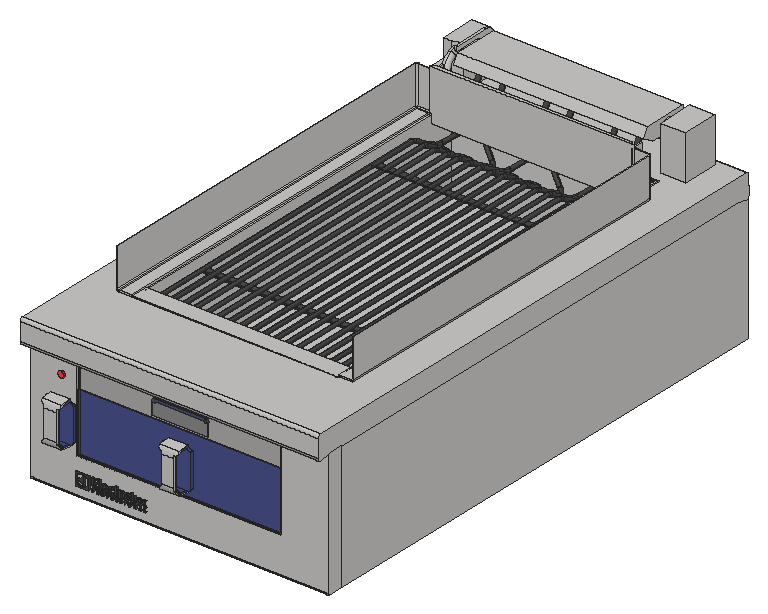
Revit family "QF_ELECTROLUXPROFESSIONAL_589284_MCDDAAEOIO", category Specialty Equipment, Revit 2018
Family settings
  Round Connector Dimension = Use Diameter
  Part Type = Normal
  Work Plane-Based = No
  Always vertical = Yes
  Cut with Voids When Loaded = No
  Shared = No
  Room Calculation Point = No
Parameters (values of type "Standard")
  Weight = 29.4835 kg
  Watts = 0 W
  Volts = 400 V
  URL Manufacturer = "http://professional.electrolux.com"
  URL = "http://professional.electrolux.com"
  Steam Supply Size = 0"
  Steam Supply Minimum Pressure = 0.00 psi
  Steam Supply Maximum Pressure = 0.00 psi
  Steam Pounds per Hour = 0
  Refrigeration Suction Line Size = 0"
  Refrigeration Liquid Line Size = 0"
  Refrigerant Compressor Remote = yes
  Phase = 3
  Model = "MCDDAAEOIO"
  Manufacturer = "Electrolux Professional"
  Length Actual = 500 mm  # constant formula
  Item Number = "589284"
  Hot Water Size = 0"
  Height Actual = 250 mm  # constant formula
  HP = "7.2 HP"
  Gas Size = 0"
  Gas KW = 0
  Gas Input Pressure = 0.0 Btu/h
  Direct Waste Size = 1/2"
  Description = "ELECTRIC CHARGRILL, 1-SIDE, 500X900X250H"
  Depth Actual = 900 mm  # constant formula
  Cycle = 60 Hz
  Condensate Return Size = 0"
  Compressed Air Volume = 0 GPM
  Compressed Air Size = 0"
  Compressed Air Pressure = 0.00 psi
  Cold Water Size = 1/2"
  Accessory = yes
Values of the unnamed type that differ from the named types
  Volts = 0 V
  URL Manufacturer = ""
  Item Number = ""
  Cycle = 0 Hz
Reference planes
  plane 1 "BACK": y = 0
  plane 2: z = 0
  plane 3 "LEFT": x = 0
  plane 4 "RIGHT": x = 500
  plane 5 "FRONT": y = -900
  plane 6 "PLAIN": z = 900
  plane 7 "Center (Left/Right)": x = 250
  plane 8 "Center (Front/Back)": y = -450
  plane 9 "Grill": z = 888
  plane 10 "MontanteBack": y = -70
  plane 11 "sCARICO": through (67.169, -71.534, 1219.2) normal (0.9563, 0.2923, 0)
  plane 12 "BASE": z = 650
  plane 13 "TOP": z = 974
  plane 14 "EI_x": y = -685
  plane 15 "EI_y": x = 456
  plane 16: z = 1624
Forms (mm)
  Sweep 1, solid, material "QF_Finishes_Stainless Steel"
    path origin (0, -5, 0) x (1, 0, 0) y (0, 1, 0)
      loop
        line (446.548, -756) -> (446.548, -136.621)
        arc (446.548, -136.621) -> (445.376, -133.793) -> (442.548, -132.621) r 4
        line (442.548, -132.621) -> (420.548, -132.621)
        arc (420.548, -132.621) -> (417.72, -131.449) -> (416.548, -128.621) r 4
        line (416.548, -128.621) -> (416.548, -114.621)
    profile origin (446.548, -451.31, 0) x (-1, 0, 0) y (0, 0, 1)
      loop
        line (1.048, 904) -> (1.048, 967.5) -> (-0.952, 967.5) -> (-0.952, 904)
        arc (-0.952, 904) -> (0.193, 900.815) -> (3.105, 899.09) r 5
        line (3.105, 899.09) -> (3.105, 901.152)
        arc (3.105, 901.152) -> (1.616, 902.244) -> (1.048, 904) r 3
  Sweep 2, solid, material "QF_Finishes_Stainless Steel"
    path origin (500, -5, 0) x (-1, 0, 0) y (0, 1, 0)
      loop
        line (446.548, -759) -> (446.548, -136.621)
        arc (446.548, -136.621) -> (445.376, -133.793) -> (442.548, -132.621) r 4
        line (442.548, -132.621) -> (420.548, -132.621)
        arc (420.548, -132.621) -> (417.72, -131.449) -> (416.548, -128.621) r 4
        line (416.548, -128.621) -> (416.548, -114.621)
    profile origin (53.452, -452.81, 0) x (-1, 0, 0) y (0, 0, 1)
      loop
        arc (-1.048, 904.91) -> (-1.616, 903.154) -> (-3.105, 902.062) r 3
        line (-3.105, 902.062) -> (-3.105, 900)
        arc (-3.105, 900) -> (-0.193, 901.725) -> (0.952, 904.91) r 5
        line (0.952, 904.91) -> (0.952, 967.5) -> (-1.048, 967.5) -> (-1.048, 904.91)
  Extrusion 3, solid, material "QF_Finishes_Stainless Steel"
    sketch origin (0, 0, 650) x (1, 0, 0) y (0, 0, 1)
      loop
        line (76, 105) -> (424, 105) -> (424, 250) -> (419, 250) -> (419, 110) -> (81, 110) -> (81, 250) -> (76, 250) -> (76, 105)
    from 92 to 761.249
  Extrusion 4, solid, material "QF_Finishes_Stainless Steel"
    sketch origin (0, 0, 650) x (0, 1, 0) y (0, 0, 1)
      loop
        arc (-4.695, 210.061) -> (-1.429, 210.936) -> (0, 214) r 4
        line (0, 214) -> (0, 246)
        arc (0, 246) -> (-1.172, 248.828) -> (-4, 250) r 4
        line (-4, 250) -> (-895, 250)
        arc (-895, 250) -> (-898.536, 248.536) -> (-900, 245) r 5
        line (-900, 245) -> (-900, 214)
        arc (-900, 214) -> (-898.571, 210.936) -> (-895.305, 210.061) r 4
        line (-895.305, 210.061) -> (-878.81, 212.969) -> (-21.19, 212.969) -> (-4.695, 210.061)
    from 0 to 500
  Extrusion 5, void
    sketch origin (0, 0, 650) x (1, 0, 0) y (0, 0, 1)
      loop
        line (76, 255) -> (76, 206.834) -> (424, 206.834) -> (424, 255) -> (76, 255)
    from 95 to 761
  Extrusion 6, solid, material "QF_Finishes_Stainless Steel"
    sketch origin (250, 303.899, 1047.01) x (0, 1, 0) y (0, 0, 1)
      loop
        circle (-352.832, -92.011) r 16
    from -173.505 to 161.495
  Sweep 7, solid, material "QF_Finishes_Stainless Steel"
    path origin (0, -70, -250) x (0, 0, 1) y (-1, 0, 0)
      loop
        line (1112.969, -2) -> (900, -2) -> (900, -498) -> (1113, -498)
    profile origin (2, -70, 756.485) x (0, -1, 0) y (1, 0, 0)
      loop
        line (25.019, 0) -> (25.019, 25) -> (22, 25) -> (22, 3) -> (-22, 3) -> (-22, 25) -> (-24.981, 25) -> (-24.981, 0) -> (25.019, 0)
  Extrusion 8, solid, material "QF_Finishes_Stainless Steel"
    sketch origin (0, 0, 888) x (0, 1, 0) y (-1, 0, 0)
      loop
        line (-761, -443.443) -> (-141.621, -443.443)
        arc (-141.621, -443.443) -> (-140.988, -443.181) -> (-140.726, -442.548) r 0.895
        line (-140.726, -442.548) -> (-140.726, -422.652) -> (-761, -422.652) -> (-761, -443.443)
      loop
        line (-764, -56.557) -> (-764, -77.348) -> (-140.726, -77.348) -> (-140.726, -57.452)
        arc (-140.726, -57.452) -> (-140.988, -56.819) -> (-141.621, -56.557) r 0.895
        line (-141.621, -56.557) -> (-764, -56.557)
    from 12 to 14.062
  Extrusion 9, solid, material "QF_Finishes_Black"
    sketch origin (250, 296.4, 1869.2) x (0, 1, 0) y (0, 0, 1)
      loop
        circle (-553.985, -991.468) r 4.002
      loop
        circle (-913.985, -991.468) r 4.002
    from -172 to 174
  Extrusion 10, solid, material "QF_Finishes_Stainless Steel"
    sketch origin (500, 0, 650) x (0, -1, 0) y (0, 0, 1)
      loop
        line (0, 214) -> (0, 0) -> (854, 0) -> (854, 212.969) -> (21.19, 212.969) -> (4.695, 210.061)
        arc (4.695, 210.061) -> (1.429, 210.936) -> (0, 214) r 4
    from 0 to 2
  Extrusion 11, solid, material "QF_Finishes_Stainless Steel"
    sketch origin (250, 296.4, 1869.2) x (0, 1, 0) y (0, 0, 1)
      loop
        arc (-296.4, -1005.2) -> (-296.936, -1007.2) -> (-298.4, -1008.664) r 4
        line (-298.4, -1008.664) -> (-298.4, -1219.2) -> (-296.4, -1219.2) -> (-296.4, -1005.2)
    from -248.691 to 248
  Extrusion 12, solid, material "QF_Finishes_Stainless Steel"
    sketch origin (0, 0, 650) x (0, 1, 0) y (0, 0, 1)
      loop
        arc (0, 214) -> (-1.429, 210.936) -> (-4.695, 210.061) r 4
        line (-4.695, 210.061) -> (-21.19, 212.969) -> (-854, 212.969) -> (-854, 0) -> (0, 0) -> (0, 214)
    from 0 to 2
  Extrusion 13, solid, material "QF_Finishes_Stainless Steel"
    sketch origin (0, 5, 888) x (0, 1, 0) y (-1, 0, 0)
      loop
        line (-16.433, -411.495) -> (-78.433, -411.495) -> (-78.433, -453.495) -> (-16.433, -453.495) -> (-16.433, -411.495)
    from 12 to 86
  Extrusion 14, solid, material "QF_Finishes_Stainless Steel"
    sketch origin (0, 5, 888) x (0, 1, 0) y (-1, 0, 0)
      loop
        line (-16.433, -76.495) -> (-16.433, -46.495) -> (-76.433, -46.495) -> (-76.433, -60.491) -> (-71.54, -76.495) -> (-16.433, -76.495)
    from 12 to 86
  Extrusion 15, solid, material "QF_Finishes_Stainless Steel"
    sketch origin (250, 296.4, 1043.2) x (0, 1, 0) y (0, 0, 1)
      loop
        line (-312.832, -69.2) -> (-387.871, -69.2) -> (-396.4, -83.974) -> (-375.871, -95.826) -> (-329.794, -95.826) -> (-312.832, -86.033) -> (-312.832, -69.2)
    from -163.443 to 154.184
  Extrusion 16, solid, material "QF_Finishes_Black"
    sketch origin (0, -900, 650) x (1, 0, 0) y (0, 0, 1)
      loop
        spline (109.591, 27.285) -> (109.385, 27.294) -> (109.166, 27.322) -> (108.939, 27.374) -> (108.71, 27.451) -> (108.486, 27.559) -> (108.272, 27.7) -> (108.075, 27.878) -> (107.9, 28.096) -> (107.753, 28.358) -> (107.641, 28.667) -> (107.569, 29.026) -> (107.544, 29.44)
        line (107.544, 29.44) -> (107.544, 31.273) -> (113.596, 31.273) -> (113.596, 33.611) -> (107.543, 33.611) -> (107.543, 37.014) -> (113.982, 37.014) -> (113.982, 39.345) -> (105.065, 39.345) -> (105.065, 29.546)
        spline (105.065, 29.546) -> (105.088, 28.943) -> (105.155, 28.375) -> (105.269, 27.843) -> (105.431, 27.35) -> (105.642, 26.898) -> (105.903, 26.487) -> (106.215, 26.121) -> (106.581, 25.802) -> (107.001, 25.531) -> (107.476, 25.309) -> (108.008, 25.141) -> (108.597, 25.026)
        line (108.597, 25.026) -> (109.57, 24.956) -> (114.154, 24.956) -> (114.154, 27.285) -> (109.591, 27.285)
      loop
        line (115.915, 32.546) -> (115.915, 24.953) -> (118.393, 24.953) -> (118.393, 39.349) -> (115.915, 39.349) -> (115.915, 32.546)
      loop
        spline (130.665, 30.422) -> (130.623, 31.14) -> (130.499, 31.828) -> (130.296, 32.48) -> (130.018, 33.089) -> (129.668, 33.649) -> (129.249, 34.154) -> (128.766, 34.599) -> (128.222, 34.976) -> (127.62, 35.28) -> (126.963, 35.505) -> (126.255, 35.644) -> (125.499, 35.692)
        spline (125.499, 35.692) -> (124.728, 35.647) -> (123.994, 35.515) -> (123.305, 35.299) -> (122.666, 35.003) -> (122.081, 34.629) -> (121.556, 34.182) -> (121.097, 33.663) -> (120.71, 33.078) -> (120.399, 32.429) -> (120.17, 31.719) -> (120.029, 30.952) -> (119.98, 30.131)
        spline (119.98, 30.131) -> (120.027, 29.33) -> (120.164, 28.582) -> (120.388, 27.889) -> (120.693, 27.254) -> (121.076, 26.682) -> (121.533, 26.175) -> (122.057, 25.737) -> (122.647, 25.371) -> (123.296, 25.081) -> (124.002, 24.869) -> (124.758, 24.74) -> (125.562, 24.696)
        spline (125.562, 24.696) -> (125.954, 24.705) -> (126.341, 24.735) -> (126.725, 24.786) -> (127.103, 24.862) -> (127.477, 24.963) -> (127.846, 25.093) -> (128.211, 25.252) -> (128.571, 25.443) -> (128.926, 25.668) -> (129.275, 25.928) -> (129.62, 26.226) -> (129.96, 26.563)
        line (129.96, 26.563) -> (128.466, 28.016)
        spline (128.466, 28.016) -> (128.269, 27.826) -> (128.072, 27.653) -> (127.871, 27.495) -> (127.666, 27.353) -> (127.454, 27.228) -> (127.235, 27.118) -> (127.005, 27.025) -> (126.764, 26.949) -> (126.509, 26.889) -> (126.238, 26.847) -> (125.951, 26.821) -> (125.645, 26.812)
        spline (125.645, 26.812) -> (125.196, 26.834) -> (124.776, 26.9) -> (124.385, 27.007) -> (124.025, 27.153) -> (123.698, 27.338) -> (123.407, 27.559) -> (123.152, 27.815) -> (122.935, 28.103) -> (122.759, 28.423) -> (122.625, 28.772) -> (122.535, 29.148) -> (122.491, 29.551)
        line (122.491, 29.551) -> (130.624, 29.551) -> (130.665, 30.422)
      loop
        spline (128.134, 31.294) -> (128.11, 31.6) -> (128.04, 31.895) -> (127.927, 32.175) -> (127.774, 32.439) -> (127.584, 32.682) -> (127.362, 32.902) -> (127.108, 33.096) -> (126.828, 33.261) -> (126.524, 33.394) -> (126.199, 33.493) -> (125.856, 33.555) -> (125.499, 33.576)
        spline (125.499, 33.576) -> (125.117, 33.555) -> (124.748, 33.495) -> (124.397, 33.397) -> (124.067, 33.265) -> (123.761, 33.102) -> (123.482, 32.909) -> (123.233, 32.69) -> (123.018, 32.448) -> (122.839, 32.184) -> (122.7, 31.902) -> (122.604, 31.604) -> (122.554, 31.294)
        line (122.554, 31.294) -> (128.134, 31.294)
      loop
        spline (134.414, 30.194) -> (134.442, 30.655) -> (134.525, 31.092) -> (134.66, 31.503) -> (134.842, 31.883) -> (135.069, 32.23) -> (135.337, 32.541) -> (135.644, 32.813) -> (135.985, 33.042) -> (136.357, 33.225) -> (136.758, 33.36) -> (137.183, 33.444) -> (137.63, 33.472)
        spline (137.63, 33.472) -> (137.904, 33.463) -> (138.167, 33.438) -> (138.418, 33.396) -> (138.659, 33.338) -> (138.891, 33.263) -> (139.113, 33.174) -> (139.327, 33.069) -> (139.532, 32.95) -> (139.73, 32.816) -> (139.922, 32.668) -> (140.106, 32.506) -> (140.285, 32.331)
        line (140.285, 32.331) -> (141.821, 33.929)
        spline (141.821, 33.929) -> (141.515, 34.234) -> (141.201, 34.509) -> (140.877, 34.753) -> (140.545, 34.968) -> (140.205, 35.155) -> (139.858, 35.313) -> (139.503, 35.445) -> (139.141, 35.552) -> (138.772, 35.632) -> (138.397, 35.689) -> (138.016, 35.723) -> (137.63, 35.734)
        spline (137.63, 35.734) -> (136.855, 35.686) -> (136.114, 35.545) -> (135.411, 35.317) -> (134.754, 35.007) -> (134.15, 34.621) -> (133.605, 34.162) -> (133.125, 33.637) -> (132.718, 33.05) -> (132.39, 32.408) -> (132.147, 31.714) -> (131.997, 30.974) -> (131.945, 30.194)
        spline (131.945, 30.194) -> (131.997, 29.414) -> (132.147, 28.674) -> (132.39, 27.981) -> (132.718, 27.338) -> (133.125, 26.751) -> (133.605, 26.226) -> (134.15, 25.767) -> (134.754, 25.381) -> (135.411, 25.071) -> (136.114, 24.843) -> (136.855, 24.702) -> (137.63, 24.654)
        spline (137.63, 24.654) -> (138.016, 24.665) -> (138.397, 24.699) -> (138.772, 24.756) -> (139.141, 24.837) -> (139.503, 24.943) -> (139.858, 25.075) -> (140.205, 25.233) -> (140.545, 25.42) -> (140.877, 25.635) -> (141.201, 25.879) -> (141.515, 26.154) -> (141.821, 26.46)
        line (141.821, 26.46) -> (140.285, 28.057)
        spline (140.285, 28.057) -> (140.106, 27.882) -> (139.922, 27.72) -> (139.73, 27.573) -> (139.532, 27.439) -> (139.327, 27.319) -> (139.113, 27.214) -> (138.891, 27.125) -> (138.659, 27.05) -> (138.418, 26.992) -> (138.167, 26.95) -> (137.904, 26.925) -> (137.63, 26.916)
        spline (137.63, 26.916) -> (137.183, 26.944) -> (136.758, 27.028) -> (136.357, 27.163) -> (135.985, 27.346) -> (135.644, 27.575) -> (135.337, 27.847) -> (135.069, 28.158) -> (134.842, 28.505) -> (134.66, 28.885) -> (134.525, 29.296) -> (134.442, 29.733) -> (134.414, 30.194)
      loop
        spline (148.14, 27.282) -> (147.921, 27.278) -> (147.687, 27.295) -> (147.443, 27.335) -> (147.196, 27.404) -> (146.952, 27.504) -> (146.717, 27.641) -> (146.497, 27.817) -> (146.298, 28.038) -> (146.127, 28.306) -> (145.989, 28.626) -> (145.891, 29.003) -> (145.839, 29.439)
        line (145.839, 29.439) -> (145.839, 33.112) -> (148.093, 33.112) -> (148.093, 35.363) -> (145.842, 35.363) -> (145.842, 39.349) -> (143.364, 39.349) -> (143.364, 29.299)
        spline (143.364, 29.299) -> (143.417, 28.715) -> (143.513, 28.167) -> (143.653, 27.655) -> (143.838, 27.182) -> (144.07, 26.749) -> (144.349, 26.358) -> (144.676, 26.011) -> (145.054, 25.709) -> (145.482, 25.456) -> (145.963, 25.252) -> (146.496, 25.099) -> (147.084, 25)
        line (147.084, 25) -> (148.131, 24.953) -> (148.14, 27.282)
      loop
        spline (156.479, 35.508) -> (156.05, 35.534) -> (155.637, 35.526) -> (155.241, 35.486) -> (154.864, 35.413) -> (154.506, 35.31) -> (154.168, 35.177) -> (153.853, 35.015) -> (153.559, 34.826) -> (153.29, 34.61) -> (153.046, 34.369) -> (152.828, 34.103) -> (152.637, 33.815)
        line (152.637, 33.815) -> (152.637, 35.363) -> (150.179, 35.363) -> (150.179, 24.953) -> (152.637, 24.953) -> (152.637, 30.426)
        spline (152.637, 30.426) -> (152.66, 30.841) -> (152.726, 31.228) -> (152.835, 31.585) -> (152.984, 31.911) -> (153.173, 32.205) -> (153.399, 32.464) -> (153.66, 32.687) -> (153.956, 32.873) -> (154.284, 33.02) -> (154.642, 33.127) -> (155.03, 33.193) -> (155.446, 33.215)
        line (155.446, 33.215) -> (156.479, 33.112) -> (156.479, 35.508)
      loop
        spline (168.219, 30.158) -> (168.167, 30.921) -> (168.016, 31.649) -> (167.772, 32.335) -> (167.444, 32.974) -> (167.036, 33.559) -> (166.556, 34.085) -> (166.01, 34.546) -> (165.406, 34.936) -> (164.75, 35.249) -> (164.049, 35.481) -> (163.31, 35.623) -> (162.539, 35.672)
        spline (162.539, 35.672) -> (161.763, 35.623) -> (161.02, 35.481) -> (160.318, 35.249) -> (159.661, 34.936) -> (159.057, 34.546) -> (158.513, 34.085) -> (158.035, 33.559) -> (157.628, 32.974) -> (157.301, 32.335) -> (157.059, 31.649) -> (156.909, 30.921) -> (156.858, 30.158)
        spline (156.858, 30.158) -> (156.909, 29.394) -> (157.059, 28.667) -> (157.301, 27.981) -> (157.628, 27.342) -> (158.035, 26.757) -> (158.513, 26.231) -> (159.057, 25.77) -> (159.661, 25.38) -> (160.318, 25.066) -> (161.02, 24.835) -> (161.763, 24.692) -> (162.539, 24.643)
        spline (162.539, 24.643) -> (163.31, 24.692) -> (164.049, 24.835) -> (164.75, 25.066) -> (165.406, 25.38) -> (166.01, 25.77) -> (166.556, 26.231) -> (167.036, 26.757) -> (167.444, 27.342) -> (167.772, 27.981) -> (168.016, 28.667) -> (168.167, 29.394) -> (168.219, 30.158)
      loop
        spline (165.76, 30.158) -> (165.731, 30.608) -> (165.648, 31.038) -> (165.512, 31.443) -> (165.329, 31.821) -> (165.101, 32.167) -> (164.831, 32.479) -> (164.524, 32.752) -> (164.182, 32.984) -> (163.809, 33.17) -> (163.409, 33.307) -> (162.984, 33.392) -> (162.539, 33.421)
        spline (162.539, 33.421) -> (162.089, 33.392) -> (161.662, 33.307) -> (161.26, 33.17) -> (160.886, 32.984) -> (160.545, 32.752) -> (160.238, 32.479) -> (159.97, 32.167) -> (159.744, 31.821) -> (159.562, 31.443) -> (159.428, 31.038) -> (159.345, 30.608) -> (159.317, 30.158)
        spline (159.317, 30.158) -> (159.345, 29.707) -> (159.428, 29.278) -> (159.562, 28.872) -> (159.744, 28.495) -> (159.97, 28.148) -> (160.238, 27.836) -> (160.545, 27.563) -> (160.886, 27.332) -> (161.26, 27.145) -> (161.662, 27.008) -> (162.089, 26.923) -> (162.539, 26.894)
        spline (162.539, 26.894) -> (162.984, 26.923) -> (163.409, 27.008) -> (163.809, 27.145) -> (164.182, 27.332) -> (164.524, 27.563) -> (164.831, 27.836) -> (165.101, 28.148) -> (165.329, 28.495) -> (165.512, 28.872) -> (165.648, 29.278) -> (165.731, 29.707) -> (165.76, 30.158)
      loop
        line (169.743, 32.794) -> (169.743, 24.953) -> (172.222, 24.953) -> (172.222, 39.349) -> (169.743, 39.349) -> (169.743, 32.794)
      loop
        line (181.161, 35.363) -> (181.161, 29.311)
        spline (181.161, 29.311) -> (181.141, 28.918) -> (181.083, 28.563) -> (180.989, 28.246) -> (180.861, 27.966) -> (180.702, 27.723) -> (180.513, 27.514) -> (180.297, 27.34) -> (180.057, 27.2) -> (179.793, 27.092) -> (179.509, 27.016) -> (179.207, 26.971) -> (178.889, 26.956)
        spline (178.889, 26.956) -> (178.571, 26.971) -> (178.269, 27.016) -> (177.985, 27.091) -> (177.721, 27.199) -> (177.481, 27.339) -> (177.265, 27.512) -> (177.076, 27.718) -> (176.917, 27.96) -> (176.789, 28.237) -> (176.695, 28.551) -> (176.637, 28.901) -> (176.617, 29.29)
        line (176.617, 29.29) -> (176.617, 35.363) -> (174.118, 35.363) -> (174.118, 29.083)
        spline (174.118, 29.083) -> (174.162, 28.372) -> (174.29, 27.725) -> (174.497, 27.141) -> (174.776, 26.621) -> (175.12, 26.163) -> (175.525, 25.768) -> (175.983, 25.435) -> (176.489, 25.163) -> (177.037, 24.953) -> (177.62, 24.803) -> (178.233, 24.714) -> (178.869, 24.684)
        spline (178.869, 24.684) -> (179.51, 24.714) -> (180.127, 24.805) -> (180.715, 24.957) -> (181.267, 25.17) -> (181.778, 25.446) -> (182.24, 25.784) -> (182.648, 26.184) -> (182.996, 26.648) -> (183.277, 27.176) -> (183.485, 27.768) -> (183.615, 28.424) -> (183.66, 29.146)
        line (183.66, 29.146) -> (183.66, 35.363) -> (181.161, 35.363)
      loop
        line (193.038, 28.282) -> (191.475, 30.467) -> (193.41, 33.104) -> (195.068, 35.363) -> (192.363, 35.363) -> (190.11, 32.244) -> (187.839, 35.363) -> (185.154, 35.363) -> (186.694, 33.256) -> (188.748, 30.447) -> (186.595, 27.449) -> (184.803, 24.953) -> (187.467, 24.953) -> (190.11, 28.63) -> (192.755, 24.953) -> (195.419, 24.953) -> (193.038, 28.282)
      loop
        line (106.459, 22.688) -> (104.542, 22.688) -> (104.542, 17.711) -> (105.565, 17.711) -> (105.565, 19.398) -> (106.459, 19.398)
        arc (106.459, 19.398) -> (108.104, 21.043) -> (106.459, 22.688) r 1.645
      loop
        line (106.418, 21.747) -> (105.565, 21.747) -> (105.565, 20.338) -> (106.418, 20.338)
        arc (106.418, 20.338) -> (107.122, 21.043) -> (106.418, 21.747) r 0.704
      loop
        line (114.268, 22.688) -> (112.316, 22.688) -> (112.316, 17.711) -> (113.339, 17.711) -> (113.339, 19.425) -> (114.12, 19.343) -> (115.101, 17.711) -> (116.262, 17.711) -> (115.068, 19.677)
        arc (115.068, 19.677) -> (115.692, 20.259) -> (115.91, 21.084) r 1.536
        arc (115.91, 21.084) -> (115.416, 22.22) -> (114.268, 22.688) r 1.643
      loop
        arc (114.178, 20.359) -> (114.873, 21.02) -> (114.247, 21.747) r 0.696
        line (114.247, 21.747) -> (113.339, 21.747) -> (113.339, 20.359) -> (114.178, 20.359)
      loop
        circle (122.616, 20.2) r 2.585
      loop
        circle (122.616, 20.2) r 1.64
      loop
        line (129.481, 22.688) -> (129.481, 17.711) -> (130.504, 17.711) -> (130.504, 19.757) -> (132.377, 19.757) -> (132.377, 20.698) -> (130.504, 20.698) -> (130.504, 21.747) -> (132.557, 21.747) -> (132.557, 22.688) -> (129.481, 22.688)
      loop
        line (136.778, 22.688) -> (136.778, 19.325)
        arc (136.778, 19.325) -> (137.237, 18.185) -> (138.371, 17.711) r 1.593
        line (138.371, 17.711) -> (139.978, 17.711) -> (139.978, 18.498) -> (138.577, 18.498)
        arc (138.577, 18.498) -> (138.029, 18.725) -> (137.802, 19.273) r 0.775
        line (137.802, 19.273) -> (137.802, 20.101) -> (139.792, 20.101) -> (139.792, 20.883) -> (137.802, 20.883) -> (137.802, 21.747) -> (139.93, 21.747) -> (139.93, 22.688) -> (136.778, 22.688)
      loop
        line (146.672, 21.383) -> (147.407, 21.887)
        arc (147.407, 21.887) -> (146.726, 22.552) -> (145.799, 22.771) r 1.782
        arc (145.799, 22.771) -> (145.183, 22.647) -> (144.637, 22.336) r 1.974
        arc (144.637, 22.336) -> (144.379, 22.025) -> (144.263, 21.637) r 1.013
        arc (144.263, 21.637) -> (144.274, 21.184) -> (144.388, 20.745) r 1.985
        arc (144.388, 20.745) -> (144.831, 20.266) -> (145.409, 19.962) r 1.928
        arc (145.409, 19.962) -> (145.943, 19.746) -> (146.449, 19.469) r 5.041
        arc (146.449, 19.469) -> (146.646, 19.138) -> (146.49, 18.785) r 0.42
        arc (146.49, 18.785) -> (145.949, 18.565) -> (145.377, 18.68) r 1.016
        arc (145.377, 18.68) -> (144.956, 18.922) -> (144.692, 19.329) r 1.033
        line (144.692, 19.329) -> (143.91, 18.839)
        arc (143.91, 18.839) -> (144.22, 18.327) -> (144.673, 17.936) r 1.914
        arc (144.673, 17.936) -> (145.246, 17.691) -> (145.867, 17.629) r 2.063
        arc (145.867, 17.629) -> (146.634, 17.782) -> (147.325, 18.149) r 2.696
        arc (147.325, 18.149) -> (147.63, 18.96) -> (147.473, 19.813) r 1.618
        arc (147.473, 19.813) -> (147.132, 20.206) -> (146.697, 20.49) r 1.876
        arc (146.697, 20.49) -> (146.146, 20.736) -> (145.582, 20.948) r 9.883
        arc (145.582, 20.948) -> (145.255, 21.455) -> (145.727, 21.831) r 0.45
        arc (145.727, 21.831) -> (146.251, 21.716) -> (146.672, 21.383) r 1.197
      loop
        line (154.19, 21.383) -> (154.925, 21.887)
        arc (154.925, 21.887) -> (154.244, 22.552) -> (153.318, 22.771) r 1.782
        arc (153.318, 22.771) -> (152.701, 22.647) -> (152.155, 22.336) r 1.974
        arc (152.155, 22.336) -> (151.897, 22.025) -> (151.781, 21.637) r 1.013
        arc (151.781, 21.637) -> (151.793, 21.184) -> (151.906, 20.745) r 1.985
        arc (151.906, 20.745) -> (152.35, 20.266) -> (152.927, 19.962) r 1.928
        arc (152.927, 19.962) -> (153.462, 19.746) -> (153.967, 19.469) r 5.041
        arc (153.967, 19.469) -> (154.165, 19.138) -> (154.009, 18.785) r 0.42
        arc (154.009, 18.785) -> (153.468, 18.565) -> (152.895, 18.68) r 1.016
        arc (152.895, 18.68) -> (152.474, 18.922) -> (152.21, 19.329) r 1.033
        line (152.21, 19.329) -> (151.428, 18.839)
        arc (151.428, 18.839) -> (151.738, 18.327) -> (152.191, 17.936) r 1.914
        arc (152.191, 17.936) -> (152.764, 17.691) -> (153.385, 17.629) r 2.063
        arc (153.385, 17.629) -> (154.152, 17.782) -> (154.843, 18.149) r 2.696
        arc (154.843, 18.149) -> (155.149, 18.96) -> (154.991, 19.813) r 1.618
        arc (154.991, 19.813) -> (154.65, 20.206) -> (154.215, 20.49) r 1.876
        arc (154.215, 20.49) -> (153.665, 20.736) -> (153.1, 20.948) r 9.883
        arc (153.1, 20.948) -> (152.774, 21.455) -> (153.245, 21.831) r 0.45
        arc (153.245, 21.831) -> (153.769, 21.716) -> (154.19, 21.383) r 1.197
      loop
        line (159.382, 22.688) -> (159.382, 17.711) -> (160.405, 17.711) -> (160.405, 22.688) -> (159.382, 22.688)
      loop
        circle (167.305, 20.2) r 1.548
      loop
        circle (167.305, 20.2) r 2.585
      loop
        line (174.17, 17.711) -> (175.204, 17.711) -> (175.204, 20.84) -> (177.481, 17.711) -> (178.475, 17.711) -> (178.475, 22.688) -> (177.442, 22.688) -> (177.442, 19.464) -> (175.165, 22.688) -> (174.17, 22.688) -> (174.17, 17.711)
      loop
        line (183.635, 17.711) -> (184.12, 18.785) -> (185.961, 18.785) -> (186.445, 17.711) -> (187.545, 17.711) -> (185.041, 22.688) -> (182.536, 17.711) -> (183.635, 17.711)
      loop
        line (185.041, 20.827) -> (184.579, 19.806) -> (185.501, 19.806) -> (185.041, 20.827)
      loop
        line (192.628, 18.652) -> (192.628, 22.688) -> (191.604, 22.688) -> (191.604, 17.711) -> (194.542, 17.711) -> (194.542, 18.652) -> (192.628, 18.652)
      loop
        line (77.595, 17.711) -> (99.258, 17.711) -> (99.258, 39.345) -> (77.595, 39.345) -> (77.595, 17.711)
      loop
        line (91.319, 38.283) -> (91.319, 18.818)
        arc (91.319, 18.818) -> (98.515, 28.55) -> (91.319, 38.283) r 10.18
      loop
        line (90.329, 36.874) -> (90.329, 38.283)
        arc (90.329, 38.283) -> (82.234, 36.443) -> (78.334, 29.115) r 9.976
        line (78.334, 29.115) -> (81.554, 29.115)
        arc (81.554, 29.115) -> (87.307, 31.45) -> (90.329, 36.874) r 9.351
      loop
        arc (78.334, 27.986) -> (82.227, 20.597) -> (90.329, 18.568) r 10.237
        line (90.329, 18.568) -> (90.329, 20.227)
        arc (90.329, 20.227) -> (87.307, 25.651) -> (81.554, 27.986) r 9.351
        line (81.554, 27.986) -> (78.334, 27.986)
    from -21 to -19.269
  Sweep 17, solid, material "QF_Finishes_Stainless Steel"
    path origin (41.436, 12.664, -176) x (-0.292277, 0.956334, 0) y (0, 0, 1)
      loop
        line (-85.95, 1138.999) -> (-105.35, 1138.999)
        arc (-105.35, 1138.999) -> (-118.785, 1133.434) -> (-124.35, 1119.999) r 19
        line (-124.35, 1119.999) -> (-124.35, 1115.999)
    profile origin (76.155, -100.934, 957.434) x (-0.206671, 0.67623, -0.707107) y (0.956334, 0.292277, 0)
      loop
        circle (0, 0) r 5.5
  Sweep 18, solid, material "QF_Finishes_Stainless Steel"
    path origin (41.436, 12.664, -176) x (-0.292277, 0.956334, 0) y (0, 0, 1)
      loop
        line (-124.348, 1102.5) -> (-124.348, 1115.999)
    profile origin (77.78, -106.254, 933.249) x (0.292277, -0.956334, 0) y (0.956334, 0.292277, 0)
      loop
        circle (0, 0) r 11
  Extrusion 19, solid, material "QF_Finishes_Stainless Steel"
    sketch origin (0, -900, 652) x (1, 0, 0) y (0, 0, 1)
      loop
        line (422.652, 248) -> (422.652, 249.152) -> (77.348, 249.152) -> (77.348, 248) -> (422.652, 248)
    from -136 to -165.099
  Extrusion 20, solid, material "QF_Finishes_Stainless Steel"
    sketch origin (0, -900, 650) x (1, 0, 0) y (0, 0, 1)
      loop
        line (419, 110) -> (419, 250) -> (81, 250) -> (81, 110) -> (419, 110)
    from -805 to -808
  Extrusion 21, solid, material "QF_Finishes_Stainless Steel"
    sketch origin (0, -900, 650) x (1, 0, 0) y (0, 0, 1)
      loop
        line (419, 110) -> (419, 250) -> (81, 250) -> (81, 110) -> (419, 110)
    from -808 to -800.351
  Extrusion 22, solid, material "QF_Finishes_Stainless Steel"
    sketch origin (0, -5, 888) x (0, 1, 0) y (-1, 0, 0)
      loop
        line (-135.726, -79.452) -> (-135.726, -420.548)
        arc (-135.726, -420.548) -> (-134.341, -416.333) -> (-130.726, -413.762) r 7.105
        line (-130.726, -413.762) -> (-130.726, -86.238)
        arc (-130.726, -86.238) -> (-134.341, -83.667) -> (-135.726, -79.452) r 7.105
    from 0 to 86
  Extrusion 23, solid, material "QF_Door-Drawer Clearances", detail levels coarse
    sketch origin (250, 877.348, 641.206) x (0, 0.044575, -0.999006) y (0, 0.999006, 0.044575)
      loop
        arc (-431.348, -1005.72) -> (-434.324, -1008.003) -> (-438.042, -1007.514) r 4.9
        line (-438.042, -1007.514) -> (-479.506, -983.574)
        arc (-479.506, -983.574) -> (-481.749, -982.645) -> (-484.156, -982.328) r 9.3
        line (-484.156, -982.328) -> (-991.538, -982.328)
        arc (-991.538, -982.328) -> (-993.945, -982.645) -> (-996.188, -983.574) r 9.3
        line (-996.188, -983.574) -> (-1028.49, -1002.224) -> (-1025.39, -1007.593)
        arc (-1025.39, -1007.593) -> (-803.235, -1464.639) -> (-319.312, -1619.76) r 646.254
        line (-319.312, -1619.76) -> (-292.319, -1014.784) -> (-425.979, -1008.82) -> (-384.68, -937.288) -> (-390.182, -934.418) -> (-431.348, -1005.72)
    from -175 to 175
  Extrusion 24, solid, material "QF_Door-Drawer Clearances", detail levels coarse
    sketch origin (250, 919.315, 5.04) x (0, 0.241505, -0.9704) y (0, 0.9704, 0.241505)
      loop
        line (-1169.89, -688.602) -> (-1186.107, -684.566) -> (-1209.741, -713.777) -> (-1181.784, -736.396) -> (-1169.89, -688.602)
    from -175 to 175
  Extrusion 25, solid, material "QF_Finishes_Stainless Steel"
    sketch origin (250, 301.4, 969.2) x (0, 1, 0) y (0, 0, 1)
      loop
        arc (-389.946, 12.113) -> (-392.946, 9.113) -> (-389.946, 6.113) r 3
        line (-389.946, 6.113) -> (-351.137, 6.113)
        arc (-351.137, 6.113) -> (-332.116, -7.071) -> (-337.783, -29.509) r 20.314
        arc (-337.783, -29.509) -> (-323.939, -33.624) -> (-328.64, -47.281) r 10.002
        line (-328.64, -47.281) -> (-321.318, -48.572) -> (-312.832, -46.769) -> (-312.832, -13.23) -> (-315.694, 0.231)
        arc (-315.694, 0.231) -> (-320.926, 8.77) -> (-330.366, 12.113) r 15
        line (-330.366, 12.113) -> (-389.946, 12.113)
    from -169.342 to -165.5
  Extrusion 26, solid, material "QF_Finishes_Stainless Steel"
    sketch origin (250, 301.4, 969.2) x (0, 1, 0) y (0, 0, 1)
      loop
        circle (-332.833, -38.2) r 10
    from -163.762 to -170.548
  Extrusion 27, solid, material "QF_Finishes_Stainless Steel"
    sketch origin (0, 0, 888) x (0, 1, 0) y (-1, 0, 0)
      loop
        circle (-163.701, -318.033) r 49
      loop
        circle (-163.701, -318.033) r 44
    from -76.325 to -128
  Extrusion 28, solid, material "QF_Finishes_Stainless Steel"
    sketch origin (0, 0, 888) x (0, 1, 0) y (-1, 0, 0)
      loop
        circle (-163.701, -318.033) r 35
    from -133 to -174.55
  Extrusion 29, void
    sketch origin (0, 0, 888) x (0, 1, 0) y (-1, 0, 0)
      loop
        circle (-163.701, -318.033) r 35
    from -133 to -128
  Extrusion 30, void
    sketch origin (0, 0, 888) x (0, 1, 0) y (-1, 0, 0)
      loop
        circle (-732.818, -86.446) r 3.406
    from -120.369 to -148.494
  Extrusion 31, solid, material "QF_Finishes_Stainless Steel"
    sketch origin (0, 0, 888) x (0, 1, 0) y (-1, 0, 0)
      loop
        circle (-732.818, -86.446) r 3.406
    from -140.159 to -120.202
  Extrusion 32, solid, material "QF_Finishes_Stainless Steel"
    sketch origin (0, 0, 650) x (0, 1, 0) y (-1, 0, 0)
      loop
        circle (-685, -456) r 10
    from 0 to 20
  Extrusion 33, solid, material "QF_Finishes_Stainless Steel"
    sketch origin (0, 0, 650) x (0, 1, 0) y (-1, 0, 0)
      loop
        circle (-670, -299) r 6.35
    from 20 to 0
  Extrusion 34, solid, material "QF_Finishes_Stainless Steel"
    sketch origin (0, 0, 650) x (0, 1, 0) y (-1, 0, 0)
      loop
        circle (-523, -445) r 10
    from 0 to 20
Cuts and joins
  Extrusion 5 cuts Extrusion 4
  Extrusion 29, Extrusion 30 cuts Extrusion 3
Lines and regions (mm)
  symbolic lines
    curve 1: line (0, -900, 0) -> (0, 0, 0)
    curve 2: line (500, 0, 0) -> (500, -900, 0)
    curve 3: line (91.601, -613.654, 888) -> (104.401, -613.654, 888)
    curve 4: line (91.601, -621.654, 888) -> (104.401, -621.654, 888)
    curve 5: line (110.601, -613.654, 888) -> (123.401, -613.654, 888)
    curve 6: line (110.601, -621.654, 888) -> (123.401, -621.654, 888)
    curve 7: line (129.601, -613.654, 888) -> (142.401, -613.654, 888)
    curve 8: line (129.601, -621.654, 888) -> (142.401, -621.654, 888)
    curve 9: line (148.601, -613.654, 888) -> (161.401, -613.654, 888)
    curve 10: line (148.601, -621.654, 888) -> (161.401, -621.654, 888)
    curve 11: line (167.602, -613.654, 888) -> (180.601, -613.654, 888)
    curve 12: line (167.602, -621.654, 888) -> (180.601, -621.654, 888)
    curve 13: line (205.601, -613.654, 888) -> (218.401, -613.654, 888)
    curve 14: line (205.601, -621.654, 888) -> (218.401, -621.654, 888)
    curve 15: line (224.601, -613.654, 888) -> (237.401, -613.654, 888)
    curve 16: line (224.601, -621.654, 888) -> (237.401, -621.654, 888)
    curve 17: line (243.601, -613.654, 888) -> (256.401, -613.654, 888)
    curve 18: line (243.601, -621.654, 888) -> (256.401, -621.654, 888)
    curve 19: line (262.601, -613.654, 888) -> (275.401, -613.654, 888)
    curve 20: line (262.601, -621.654, 888) -> (275.401, -621.654, 888)
    curve 21: line (281.602, -613.654, 888) -> (294.401, -613.654, 888)
    curve 22: line (281.602, -621.654, 888) -> (294.401, -621.654, 888)
    curve 23: line (300.601, -613.654, 888) -> (313.401, -613.654, 888)
    curve 24: line (300.601, -621.654, 888) -> (313.401, -621.654, 888)
    curve 25: line (319.401, -613.654, 888) -> (332.401, -613.654, 888)
    curve 26: line (319.401, -621.654, 888) -> (332.401, -621.654, 888)
    curve 27: line (338.601, -613.654, 888) -> (351.401, -613.654, 888)
    curve 28: line (338.601, -621.654, 888) -> (351.401, -621.654, 888)
    curve 29: line (357.601, -613.654, 888) -> (370.401, -613.654, 888)
    curve 30: line (357.601, -621.654, 888) -> (370.401, -621.654, 888)
    curve 31: line (376.601, -613.654, 888) -> (389.401, -613.654, 888)
    curve 32: line (376.601, -621.654, 888) -> (389.401, -621.654, 888)
    curve 33: line (395.602, -613.654, 888) -> (408.401, -613.654, 888)
    curve 34: line (395.602, -621.654, 888) -> (408.401, -621.654, 888)
    curve 35: line (186.601, -613.654, 888) -> (199.401, -613.654, 888)
    curve 36: line (186.601, -621.654, 888) -> (199.401, -621.654, 888)
    curve 37: line (78, -613.654, 888) -> (85.401, -613.654, 888)
    curve 38: line (78, -621.654, 888) -> (85.401, -621.654, 888)
    curve 39: line (414.602, -613.654, 888) -> (422.652, -613.654, 888)
    curve 40: line (414.602, -621.654, 888) -> (422.652, -621.654, 888)
    curve 41: line (91.601, -253.654, 888) -> (104.401, -253.654, 888)
    curve 42: line (91.601, -261.654, 888) -> (104.401, -261.654, 888)
    curve 43: line (110.601, -253.654, 888) -> (123.401, -253.654, 888)
    curve 44: line (110.601, -261.654, 888) -> (123.401, -261.654, 888)
    curve 45: line (129.601, -253.654, 888) -> (142.401, -253.654, 888)
    curve 46: line (129.601, -261.654, 888) -> (142.401, -261.654, 888)
    curve 47: line (148.601, -253.654, 888) -> (161.401, -253.654, 888)
    curve 48: line (148.601, -261.654, 888) -> (161.401, -261.654, 888)
    curve 49: line (167.602, -253.654, 888) -> (180.601, -253.654, 888)
    curve 50: line (167.602, -261.654, 888) -> (180.601, -261.654, 888)
    curve 51: line (205.601, -253.654, 888) -> (218.401, -253.654, 888)
    curve 52: line (205.601, -261.654, 888) -> (218.401, -261.654, 888)
    curve 53: line (224.601, -253.654, 888) -> (237.401, -253.654, 888)
    curve 54: line (224.601, -261.654, 888) -> (237.401, -261.654, 888)
    curve 55: line (243.601, -253.654, 888) -> (256.401, -253.654, 888)
    curve 56: line (243.601, -261.654, 888) -> (256.401, -261.654, 888)
    curve 57: line (262.601, -253.654, 888) -> (275.401, -253.654, 888)
    curve 58: line (262.601, -261.654, 888) -> (275.401, -261.654, 888)
    curve 59: line (281.602, -253.654, 888) -> (294.401, -253.654, 888)
    curve 60: line (281.602, -261.654, 888) -> (294.401, -261.654, 888)
    curve 61: line (300.601, -253.654, 888) -> (313.401, -253.654, 888)
    curve 62: line (300.601, -261.654, 888) -> (313.401, -261.654, 888)
    curve 63: line (319.401, -253.654, 888) -> (332.401, -253.654, 888)
    curve 64: line (319.401, -261.654, 888) -> (332.401, -261.654, 888)
    curve 65: line (338.601, -253.654, 888) -> (351.401, -253.654, 888)
    curve 66: line (338.601, -261.654, 888) -> (351.401, -261.654, 888)
    curve 67: line (357.601, -253.654, 888) -> (370.401, -253.654, 888)
    curve 68: line (357.601, -261.654, 888) -> (370.401, -261.654, 888)
    curve 69: line (376.601, -253.654, 888) -> (389.401, -253.654, 888)
    curve 70: line (376.601, -261.654, 888) -> (389.401, -261.654, 888)
    curve 71: line (395.602, -253.654, 888) -> (408.401, -253.654, 888)
    curve 72: line (395.602, -261.654, 888) -> (408.401, -261.654, 888)
    curve 73: line (186.601, -253.654, 888) -> (199.401, -253.654, 888)
    curve 74: line (186.601, -261.654, 888) -> (199.401, -261.654, 888)
    curve 75: line (81, -253.654, 888) -> (85.401, -253.654, 888)
    curve 76: line (81, -261.654, 888) -> (85.401, -261.654, 888)
    curve 77: line (414.602, -253.654, 888) -> (419, -253.654, 888)
    curve 78: line (414.602, -261.654, 888) -> (419, -261.654, 888)
    curve 79: arc (57.452, -140.726, 888) -> (56.819, -140.988, 888) -> (56.557, -141.621, 888) r 0.895
    curve 80: line (56.557, -141.621, 888) -> (56.557, -764, 888)
    curve 81: line (52.5, -141.621, 888) -> (52.5, -764, 888)
    curve 82: arc (52.5, -141.621, 888) -> (53.95, -138.119, 888) -> (57.452, -136.669, 888) r 4.952
    curve 83: line (79.452, -136.669, 888) -> (57.452, -136.669, 888)
    curve 84: line (56.557, -764, 888) -> (52.5, -764, 888)
    curve 85: line (56.557, -764, 888) -> (77.348, -764, 888)
    curve 86: line (77.348, -763.975, 888) -> (77.348, -140.726, 888)
    curve 87: line (422.652, -140.726, 888) -> (422.652, -763.975, 888)
    curve 88: line (422.652, -761, 888) -> (443.443, -761, 888)
    curve 89: line (447.5, -761, 888) -> (443.443, -761, 888)
    curve 90: line (447.5, -761, 888) -> (447.5, -141.621, 888)
    curve 91: line (443.443, -761, 888) -> (443.443, -141.621, 888)
    curve 92: arc (443.443, -141.621, 888) -> (443.181, -140.988, 888) -> (442.548, -140.726, 888) r 0.895
    curve 93: arc (447.5, -141.621, 888) -> (446.05, -138.119, 888) -> (442.548, -136.669, 888) r 4.952
    curve 94: line (442.548, -136.669, 888) -> (420.548, -136.669, 888)
    curve 95: line (442.548, -140.726, 888) -> (420.548, -140.726, 888)
    curve 96: line (411.495, -16.433, 888) -> (84.5, -16.433, 888)
    curve 97: line (86.557, -16.433, 888) -> (86.557, -100.033, 888)
    curve 98: line (404.184, -99.649, 888) -> (404.184, -16.433, 888)
    curve 99: line (453.495, -11.433, 888) -> (411.495, -11.433, 888)
    curve 100: line (411.495, -11.433, 888) -> (411.495, -73.433, 888)
    curve 101: line (453.495, -73.433, 888) -> (453.495, -11.433, 888)
    curve 102: line (411.495, -73.433, 888) -> (453.495, -73.433, 888)
    curve 103: line (76.495, -11.433, 888) -> (46.495, -11.433, 888)
    curve 104: line (76.495, -66.54, 888) -> (76.495, -11.433, 888)
    curve 105: line (46.495, -11.433, 888) -> (46.495, -71.433, 888)
    curve 106: line (46.495, -71.433, 888) -> (60.491, -71.433, 888)
    curve 107: line (60.491, -71.433, 888) -> (76.495, -66.54, 888)
    curve 108: line (83.041, -104.651, 888) -> (71.842, -67.963, 888)
    curve 109: line (84.5, -91.546, 888) -> (84.5, -11.433, 888)
    curve 110: line (80.658, -11.433, 888) -> (80.658, -91.546, 888)
    curve 111: line (84.5, -11.433, 888) -> (80.658, -11.433, 888)
    curve 112: line (76.495, -27.929, 888) -> (80.658, -27.929, 888)
    curve 113: line (411.495, -32.94, 888) -> (404.184, -32.94, 888)
    curve 114: line (76.495, -59.933, 888) -> (80.658, -59.933, 888)
    curve 115: line (411.495, -64.94, 888) -> (404.184, -64.94, 888)
    curve 116: line (0, -900, 888) -> (500, -900, 888)
    curve 117: line (500, 0, 888) -> (0, 0, 888)
    curve 118: line (86.557, -133.621, 888) -> (86.557, -119.621, 888)
    curve 119: line (86.557, -119.621, 888) -> (82.5, -119.621, 888)
    curve 120: line (82.5, -119.621, 888) -> (82.5, -133.621, 888)
    curve 121: arc (79.452, -136.669, 888) -> (81.607, -135.776, 888) -> (82.5, -133.621, 888) r 3.048
    curve 122: arc (79.452, -140.726, 888) -> (84.476, -138.645, 888) -> (86.557, -133.621, 888) r 7.105
    curve 123: line (413.762, -135.726, 888) -> (86.238, -135.726, 888)
    curve 124: line (57.452, -140.726, 888) -> (420.548, -140.726, 888)
    curve 125: line (417.5, -133.621, 888) -> (417.5, -119.621, 888)
    curve 126: line (417.5, -119.621, 888) -> (413.443, -119.621, 888)
    curve 127: line (413.443, -119.621, 888) -> (413.443, -133.621, 888)
    curve 128: arc (420.548, -140.726, 888) -> (415.524, -138.645, 888) -> (413.443, -133.621, 888) r 7.105
    curve 129: arc (420.548, -136.669, 888) -> (418.393, -135.776, 888) -> (417.5, -133.621, 888) r 3.048
    curve 130: line (77.348, -763.975, 888) -> (422.652, -763.975, 888)
    curve 131: line (404.184, -100.033, 888) -> (86.557, -100.033, 888)
    curve 132: arc (80.259, -95.537, 888) -> (80.992, -116.775, 888) -> (69.739, -98.749, 888) r 11
    curve 133: arc (72.521, -107.862, 888) -> (79.387, -111.517, 888) -> (83.041, -104.651, 888) r 5.5
    curve 134: line (72.521, -107.862, 888) -> (61.323, -71.179, 888)
    curve 135: line (77.348, -734.875, 888) -> (422.652, -734.875, 888)
    curve 136: line (80.658, -16.433, 888) -> (76.495, -16.433, 888)
    curve 137: line (80.992, -116.775, 888) -> (80.992, -136.251, 888)
    curve 138: line (76, -117.109, 888) -> (76, -136.669, 888)
    curve 139: line (424, -92, 888) -> (424, -136.669, 888)
    curve 140: line (424, -92, 888) -> (404.184, -92, 888)
    curve 141: line (76.495, -64.933, 888) -> (80.658, -64.933, 888)
    curve 142: line (84.5, -64.933, 888) -> (86.557, -64.933, 888)
    curve 143: line (76.495, -32.929, 888) -> (80.658, -32.929, 888)
    curve 144: line (84.5, -32.875, 888) -> (86.557, -32.875, 888)
    curve 145: line (80.658, -91.546, 888) -> (84.5, -91.546, 888)
Dimensions and locks
  plane 3 "LEFT" to plane 4 "RIGHT" = 500 mm
  plane 5 "FRONT" to plane 1 "BACK" = 900 mm
  equal spacing: plane 3 "LEFT", plane 7 "Center (Left/Right)", plane 4 "RIGHT"
  equal spacing: plane 5 "FRONT", plane 8 "Center (Front/Back)", plane 1 "BACK"
  plane 6 "PLAIN" to level = 900 mm  (x2)
  plane 1 "BACK" to plane 5 "FRONT" = 900 mm
  plane 1 "BACK" to plane 10 "MontanteBack" = 70 mm
  plane 6 "PLAIN" to plane 12 "BASE" = 250 mm
  plane 13 "TOP" to plane 12 "BASE" = 324 mm
  plane 12 "BASE" to level = 650 mm
  plane 14 "EI_x" to plane 1 "BACK" = 685 mm
  plane 15 "EI_y" to plane 4 "RIGHT" = 44 mm
  plane 6 "PLAIN" to plane 12 "BASE" to level = 250 mm, 650 mm
  plane 6 "PLAIN" to plane 16 = 724 mm
  aligned and locked: level to plane 2
  aligned and locked: plane 7 "Center (Left/Right)" to nested 1
Automatic sketch dimensions
  plane 1 "BACK" to curve 2 = 0 mm
  curve 2 to plane 4 "RIGHT" = 0 mm
  plane 1 "BACK" to curve 1 = 0 mm
  curve 1 to plane 3 "LEFT" = 0 mm
  plane 5 "FRONT" to curve 2 = 0 mm
  plane 5 "FRONT" to curve 1 = 0 mm
  Sweep 1 sketch curve to Sweep 1 sketch curve = 0 mm  (x2)
  profile plane to Sweep 1 sketch curve = 0.952 mm
  Sweep 1 sketch curve to profile plane = 1.048 mm
  Sweep 1 sketch curve to profile plane = 3.105 mm
  Sweep 1 sketch curve to Sweep 1 sketch curve = 0.943 mm
  level to Sweep 1 sketch curve = 899.09 mm
  Sweep 1 sketch curve to Sweep 1 sketch curve = 63.5 mm
  Sweep 2 sketch curve to Sweep 2 sketch curve = 0 mm  (x2)
  profile plane to Sweep 2 sketch curve = 4.048 mm
  Sweep 2 sketch curve to Sweep 2 sketch curve = 0.943 mm
  profile plane to Sweep 2 sketch curve = 1.048 mm
  Sweep 2 sketch curve to profile plane = 0.952 mm
  level to Sweep 2 sketch curve = 900 mm
  Sweep 2 sketch curve to Sweep 2 sketch curve = 62.59 mm
  Extrusion 3 sketch curve to plane 6 "PLAIN" = 0 mm  (x2)
  plane 3 "LEFT" to Extrusion 3 sketch curve = 76 mm
  Extrusion 3 sketch curve to Extrusion 3 sketch curve = 5 mm  (x3)
  plane 15 "EI_y" to Extrusion 3 sketch curve = 37 mm
  plane 12 "BASE" to Extrusion 3 sketch curve = 110 mm
  Extrusion 4 sketch curve to plane 5 "FRONT" = 0 mm
  Extrusion 4 sketch curve to plane 6 "PLAIN" = 0 mm
  Extrusion 4 sketch curve to plane 1 "BACK" = 0 mm
  Extrusion 4 sketch curve to Extrusion 4 sketch curve = 4 mm
  Extrusion 4 sketch curve to Extrusion 4 sketch curve = 0.695 mm
  Extrusion 4 sketch curve to plane 5 "FRONT" = 5 mm
  Extrusion 4 sketch curve to Extrusion 4 sketch curve = 16.495 mm
  plane 1 "BACK" to Extrusion 4 sketch curve = 21.19 mm
  plane 1 "BACK" to Extrusion 4 sketch curve = 4.695 mm
  plane 1 "BACK" to Extrusion 4 sketch curve = 4 mm  (x2)
  Extrusion 4 sketch curve to plane 9 "Grill" = 24 mm  (x2)
  Extrusion 4 sketch curve to Extrusion 4 sketch curve = 2.909 mm
  Extrusion 5 sketch curve to plane 9 "Grill" = 31.166 mm
  plane 3 "LEFT" to Extrusion 5 sketch curve = 76 mm
  plane 15 "EI_y" to Extrusion 5 sketch curve = 32 mm
  plane 6 "PLAIN" to Extrusion 5 sketch curve = 5 mm
  Extrusion 6 sketch curve to plane 10 "MontanteBack" = 21.067 mm
  Extrusion 6 sketch curve to plane 13 "TOP" = 19.001 mm
  Sweep 7 sketch curve to plane 12 "BASE" = 0 mm
  plane 4 "RIGHT" to Sweep 7 sketch curve = 2 mm
  plane 3 "LEFT" to Sweep 7 sketch curve = 2 mm
  Sweep 7 sketch curve to plane 9 "Grill" = 25.031 mm
  Sweep 7 sketch curve to plane 9 "Grill" = 25 mm
  Sweep 7 sketch curve to profile plane = 0 mm
  Sweep 7 sketch curve to profile plane = 24.981 mm
  Sweep 7 sketch curve to Sweep 7 sketch curve = 2.981 mm
  Sweep 7 sketch curve to profile plane = 3 mm
  profile plane to Sweep 7 sketch curve = 22 mm
  Sweep 7 sketch curve to Sweep 7 sketch curve = 3.019 mm
  Sweep 7 sketch curve to Sweep 7 sketch curve = 22 mm  (x2)
  plane 15 "EI_y" to Extrusion 8 sketch curve = 12.557 mm
  plane 14 "EI_x" to Extrusion 8 sketch curve = 76 mm
  plane 14 "EI_x" to Extrusion 8 sketch curve = 79 mm
  plane 10 "MontanteBack" to Extrusion 8 sketch curve = 71.621 mm  (x2)
  Extrusion 8 sketch curve to Extrusion 8 sketch curve = 0.895 mm  (x2)
  Extrusion 8 sketch curve to Extrusion 8 sketch curve = 20.791 mm
  plane 3 "LEFT" to Extrusion 8 sketch curve = 77.348 mm
  Extrusion 8 sketch curve to Extrusion 8 sketch curve = 19.896 mm
  Extrusion 9 sketch curve to plane 9 "Grill" = 10.268 mm  (x2)
  Extrusion 9 sketch curve to plane 14 "EI_x" = 67.414 mm
  plane 10 "MontanteBack" to Extrusion 9 sketch curve = 187.586 mm
  Extrusion 10 sketch curve to plane 1 "BACK" = 0 mm  (x2)
  Extrusion 10 sketch curve to plane 12 "BASE" = 0 mm
  plane 1 "BACK" to Extrusion 10 sketch curve = 4 mm
  Extrusion 10 sketch curve to Extrusion 10 sketch curve = 0.695 mm
  Extrusion 10 sketch curve to Extrusion 10 sketch curve = 16.495 mm
  Extrusion 10 sketch curve to plane 5 "FRONT" = 46 mm
  Extrusion 10 sketch curve to plane 9 "Grill" = 27.939 mm
  Extrusion 10 sketch curve to Extrusion 10 sketch curve = 2.909 mm
  Extrusion 10 sketch curve to Extrusion 10 sketch curve = 0 mm
  Extrusion 11 sketch curve to plane 12 "BASE" = 0 mm
  Extrusion 11 sketch curve to plane 1 "BACK" = 0 mm  (x2)
  Extrusion 11 sketch curve to Extrusion 11 sketch curve = 2 mm  (x2)
  Extrusion 11 sketch curve to plane 9 "Grill" = 27.464 mm
  Extrusion 11 sketch curve to Extrusion 11 sketch curve = 0 mm
  Extrusion 12 sketch curve to plane 12 "BASE" = 0 mm
  Extrusion 12 sketch curve to plane 1 "BACK" = 0 mm  (x2)
  plane 1 "BACK" to Extrusion 12 sketch curve = 4 mm
  Extrusion 12 sketch curve to Extrusion 12 sketch curve = 0.695 mm
  Extrusion 12 sketch curve to Extrusion 12 sketch curve = 16.495 mm
  Extrusion 12 sketch curve to plane 5 "FRONT" = 46 mm
  Extrusion 12 sketch curve to plane 9 "Grill" = 27.939 mm
  Extrusion 12 sketch curve to Extrusion 12 sketch curve = 2.909 mm
  Extrusion 12 sketch curve to Extrusion 12 sketch curve = 0 mm
  plane 10 "MontanteBack" to Extrusion 13 sketch curve = 3.433 mm
  plane 15 "EI_y" to Extrusion 13 sketch curve = 2.505 mm
  plane 1 "BACK" to Extrusion 13 sketch curve = 11.433 mm
  Extrusion 13 sketch curve to Extrusion 13 sketch curve = 42 mm
  plane 10 "MontanteBack" to Extrusion 14 sketch curve = 1.433 mm
  Extrusion 14 sketch curve to plane 10 "MontanteBack" = 3.46 mm
  plane 1 "BACK" to Extrusion 14 sketch curve = 11.433 mm
  plane 3 "LEFT" to Extrusion 14 sketch curve = 76.495 mm
  Extrusion 14 sketch curve to Extrusion 14 sketch curve = 16.004 mm
  Extrusion 14 sketch curve to Extrusion 14 sketch curve = 30 mm
  Extrusion 15 sketch curve to plane 13 "TOP" = 0 mm
  Extrusion 15 sketch curve to plane 13 "TOP" = 14.774 mm
  plane 10 "MontanteBack" to Extrusion 15 sketch curve = 30 mm
  Extrusion 15 sketch curve to Extrusion 15 sketch curve = 8.529 mm
  plane 10 "MontanteBack" to Extrusion 15 sketch curve = 9.471 mm
  plane 1 "BACK" to Extrusion 15 sketch curve = 33.395 mm
  plane 1 "BACK" to Extrusion 15 sketch curve = 16.433 mm
  Extrusion 15 sketch curve to Extrusion 15 sketch curve = 16.833 mm
  Extrusion 16 sketch curve to Extrusion 16 sketch curve = 0 mm  (x28)
  plane 3 "LEFT" to Extrusion 16 sketch curve = 77.595 mm
  Extrusion 16 sketch curve to Extrusion 16 sketch curve = 0.739 mm
  Extrusion 16 sketch curve to Extrusion 16 sketch curve = 3.518 mm  (x2)
  Extrusion 16 sketch curve to Extrusion 16 sketch curve = 3.22 mm
  Extrusion 16 sketch curve to Extrusion 16 sketch curve = 6.738 mm
  Extrusion 16 sketch curve to Extrusion 16 sketch curve = 0.042 mm
  Extrusion 16 sketch curve to Extrusion 16 sketch curve = 0.215 mm
  Extrusion 16 sketch curve to Extrusion 16 sketch curve = 9.216 mm
  Extrusion 16 sketch curve to Extrusion 16 sketch curve = 2.037 mm
  Extrusion 16 sketch curve to Extrusion 16 sketch curve = 0.99 mm
  Extrusion 16 sketch curve to Extrusion 16 sketch curve = 7.939 mm
  Extrusion 16 sketch curve to Extrusion 16 sketch curve = 5.283 mm
  Extrusion 16 sketch curve to Extrusion 16 sketch curve = 5.807 mm
  Extrusion 16 sketch curve to Extrusion 16 sketch curve = 1.023 mm  (x7)
  Extrusion 16 sketch curve to Extrusion 16 sketch curve = 0.853 mm
  Extrusion 16 sketch curve to Extrusion 16 sketch curve = 0.041 mm  (x2)
  Extrusion 16 sketch curve to Extrusion 16 sketch curve = 2.477 mm
  Extrusion 16 sketch curve to Extrusion 16 sketch curve = 2.478 mm  (x2)
  plane 12 "BASE" to Extrusion 16 sketch curve = 25.026 mm
  Extrusion 16 sketch curve to Extrusion 16 sketch curve = 2.138 mm
  plane 12 "BASE" to Extrusion 16 sketch curve = 24.956 mm
  Extrusion 16 sketch curve to Extrusion 16 sketch curve = 0.973 mm
  plane 12 "BASE" to Extrusion 16 sketch curve = 27.285 mm
  Extrusion 16 sketch curve to Extrusion 16 sketch curve = 0.021 mm
  Extrusion 16 sketch curve to Extrusion 16 sketch curve = 2.746 mm
  Extrusion 16 sketch curve to Extrusion 16 sketch curve = 4.005 mm
  Extrusion 16 sketch curve to Extrusion 16 sketch curve = 0.386 mm
  plane 12 "BASE" to Extrusion 16 sketch curve = 19.343 mm
  Extrusion 16 sketch curve to Extrusion 16 sketch curve = 0.781 mm
  Extrusion 16 sketch curve to Extrusion 16 sketch curve = 0.558 mm
  Extrusion 16 sketch curve to Extrusion 16 sketch curve = 0.839 mm
  Extrusion 16 sketch curve to Extrusion 16 sketch curve = 0.069 mm
  Extrusion 16 sketch curve to Extrusion 16 sketch curve = 0.09 mm
  Extrusion 16 sketch curve to Extrusion 16 sketch curve = 0.106 mm  (x2)
  plane 12 "BASE" to Extrusion 16 sketch curve = 19.677 mm
  Extrusion 16 sketch curve to Extrusion 16 sketch curve = 0.948 mm
  plane 12 "BASE" to Extrusion 16 sketch curve = 17.711 mm  (x5)
  Extrusion 16 sketch curve to Extrusion 16 sketch curve = 1.762 mm
  Extrusion 16 sketch curve to Extrusion 16 sketch curve = 1.933 mm
  Extrusion 16 sketch curve to Extrusion 16 sketch curve = 1.161 mm
  plane 12 "BASE" to Extrusion 16 sketch curve = 30.131 mm
  Extrusion 16 sketch curve to Extrusion 16 sketch curve = 4.066 mm
  Extrusion 16 sketch curve to Extrusion 16 sketch curve = 2.511 mm
  plane 12 "BASE" to Extrusion 16 sketch curve = 31.294 mm
  Extrusion 16 sketch curve to Extrusion 16 sketch curve = 0.062 mm  (x3)
  Extrusion 16 sketch curve to Extrusion 16 sketch curve = 4.223 mm
  plane 12 "BASE" to Extrusion 16 sketch curve = 33.576 mm
  Extrusion 16 sketch curve to Extrusion 16 sketch curve = 2.946 mm  (x2)
  plane 12 "BASE" to Extrusion 16 sketch curve = 35.692 mm
  plane 12 "BASE" to Extrusion 16 sketch curve = 24.696 mm
  plane 12 "BASE" to Extrusion 16 sketch curve = 26.812 mm
  Extrusion 16 sketch curve to Extrusion 16 sketch curve = 0.083 mm
  Extrusion 16 sketch curve to Extrusion 16 sketch curve = 2.635 mm
  plane 12 "BASE" to Extrusion 16 sketch curve = 28.016 mm
  Extrusion 16 sketch curve to Extrusion 16 sketch curve = 2.822 mm
  Extrusion 16 sketch curve to Extrusion 16 sketch curve = 6.865 mm  (x2)
  plane 12 "BASE" to Extrusion 16 sketch curve = 26.563 mm
  Extrusion 16 sketch curve to Extrusion 16 sketch curve = 1.494 mm  (x2)
  plane 12 "BASE" to Extrusion 16 sketch curve = 29.551 mm
  Extrusion 16 sketch curve to Extrusion 16 sketch curve = 2.158 mm
  plane 12 "BASE" to Extrusion 16 sketch curve = 30.422 mm
  plane 12 "BASE" to Extrusion 16 sketch curve = 30.194 mm  (x2)
  Extrusion 16 sketch curve to Extrusion 16 sketch curve = 1.28 mm
  Extrusion 16 sketch curve to Extrusion 16 sketch curve = 1.873 mm
  Extrusion 16 sketch curve to Extrusion 16 sketch curve = 0.18 mm
  Extrusion 16 sketch curve to Extrusion 16 sketch curve = 2.469 mm
  Extrusion 16 sketch curve to Extrusion 16 sketch curve = 4.222 mm
  plane 12 "BASE" to Extrusion 16 sketch curve = 26.916 mm
  Extrusion 16 sketch curve to Extrusion 16 sketch curve = 0.851 mm  (x2)
  plane 12 "BASE" to Extrusion 16 sketch curve = 35.734 mm
  Extrusion 16 sketch curve to Extrusion 16 sketch curve = 3.216 mm
  plane 12 "BASE" to Extrusion 16 sketch curve = 33.472 mm
  plane 12 "BASE" to Extrusion 16 sketch curve = 24.654 mm
  Extrusion 16 sketch curve to Extrusion 16 sketch curve = 0.569 mm
  Extrusion 16 sketch curve to Extrusion 16 sketch curve = 0.206 mm  (x2)
  Extrusion 16 sketch curve to Extrusion 16 sketch curve = 1.215 mm
  Extrusion 16 sketch curve to Extrusion 16 sketch curve = 0.138 mm
  Extrusion 16 sketch curve to Extrusion 16 sketch curve = 1.402 mm
  plane 12 "BASE" to Extrusion 16 sketch curve = 28.057 mm
  Extrusion 16 sketch curve to Extrusion 16 sketch curve = 2.656 mm  (x2)
  plane 12 "BASE" to Extrusion 16 sketch curve = 32.331 mm
  plane 12 "BASE" to Extrusion 16 sketch curve = 33.929 mm
  Extrusion 16 sketch curve to Extrusion 16 sketch curve = 1.535 mm  (x2)
  plane 12 "BASE" to Extrusion 16 sketch curve = 26.46 mm
  Extrusion 16 sketch curve to Extrusion 16 sketch curve = 2.417 mm
  Extrusion 16 sketch curve to Extrusion 16 sketch curve = 1.543 mm
  Extrusion 16 sketch curve to Extrusion 16 sketch curve = 1.389 mm  (x2)
  plane 12 "BASE" to Extrusion 16 sketch curve = 18.839 mm  (x2)
  Extrusion 16 sketch curve to Extrusion 16 sketch curve = 0.126 mm  (x2)
  plane 12 "BASE" to Extrusion 16 sketch curve = 19.329 mm  (x2)
  Extrusion 16 sketch curve to Extrusion 16 sketch curve = 0.782 mm  (x3)
  Extrusion 16 sketch curve to Extrusion 16 sketch curve = 0.58 mm  (x2)
  Extrusion 16 sketch curve to Extrusion 16 sketch curve = 0.975 mm  (x2)
  Extrusion 16 sketch curve to Extrusion 16 sketch curve = 0.016 mm  (x2)
  Extrusion 16 sketch curve to Extrusion 16 sketch curve = 0.427 mm  (x2)
  Extrusion 16 sketch curve to Extrusion 16 sketch curve = 0.009 mm  (x6)
  Extrusion 16 sketch curve to Extrusion 16 sketch curve = 0.094 mm  (x2)
  plane 12 "BASE" to Extrusion 16 sketch curve = 29.439 mm
